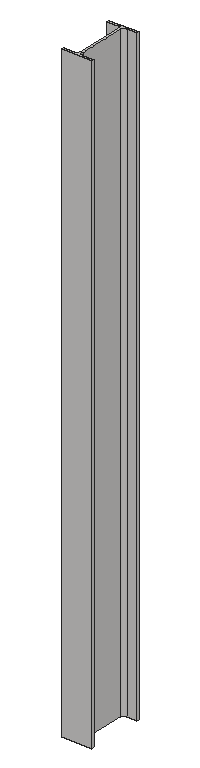
Revit family "NLRS_28_SC_IPE", category Structural Columns, Revit 2020
Family settings
  Section Shape = I-shape Parallel Flange
  Material for Model Behavior = Steel
  Always export as geometry = No
  Beam cutback in plan = From bounding box
  Code Name = EURONORM 19-57; DIN 1025
  Cut with Voids When Loaded = No
  Symbolic Representation = From Project Settings
  Shared = No
  Show family pre-cut in plan views = Yes
Parameters (values of type "IPE240")
  Width = 120 mm
  Web Thickness = 6.2 mm
  Web Fillet = 15 mm
  Warping Constant = (empty or 0)
  Type Comments = ""
  Torsional Moment of Inertia = 0 cm⁴
  Structural Material [instance] = h3_Structural Steel - S235
  Section Name Key = "IPE240"
  Section Area = 39.1 cm²
  Plastic Modulus weak axis = 73.9 cm³
  Plastic Modulus strong axis = 367 cm³
  Perimeter = 3.0249 (stored number, unit not read)
  Nominal Weight = 301.06 N/m
  Moment of Inertia weak axis = 284 cm⁴
  Moment of Inertia strong axis = 3890 cm⁴
  Height = 240 mm
  Flange Thickness = 9.8 mm
  Elastic Modulus weak axis = 47.3 cm³
  Elastic Modulus strong axis = 324 cm³
  Centroid Vertical = Height / 2  # 120 mm
  Centroid Horizontal = Width / 2  # 60 mm
  Bolt Spacing = 73 mm
  Assembly Code = "2B(28.10)"
Types (18, lengths in mm): name | Width | Web Thickness | Web Fillet | Section Name Key | Section Area | Plastic Modulus weak axis | Plastic Modulus strong axis | Perimeter | Nominal Weight | Moment of Inertia weak axis | Moment of Inertia strong axis | Height | Flange Thickness | Elastic Modulus weak axis | Elastic Modulus strong axis | Centroid Vertical | Centroid Horizontal | Bolt Spacing
  IPE240 | 120 | 6.2 | 15 | "IPE240" | 39.1 cm² | 73.9 cm³ | 367 cm³ | 3.0249 (stored number, unit not read) | 301.06 N/m | 284 cm⁴ | 3890 cm⁴ | 240 | 9.8 | 47.3 cm³ | 324 cm³ | 120 | 60 | 73
  IPE600 | 220 | 12 | 24 | "IPE600" | 156.0 cm² | 486 cm³ | 3512 cm³ | 6.5945 (stored number, unit not read) | 1196.4 N/m | 3390 cm⁴ | 92080 cm⁴ | 600 | 19 | 308 cm³ | 3070 cm³ | 300 | 110 | 130
  IPE550 | 210 | 11.1 | 24 | "IPE550" | 134.0 cm² | 401 cm³ | 2787 cm³ | 6.168 (stored number, unit not read) | 1039.5 N/m | 2670 cm⁴ | 67120 cm⁴ | 550 | 17.2 | 254 cm³ | 2440 cm³ | 275 | 105 | 129
  IPE500 | 200 | 10.2 | 21 | "IPE500" | 116.0 cm² | 336 cm³ | 2194 cm³ | 5.7087 (stored number, unit not read) | 889.46 N/m | 2140 cm⁴ | 48200 cm⁴ | 500 | 16 | 214 cm³ | 1930 cm³ | 250 | 100 | 122
  IPE450 | 190 | 9.4 | 21 | "IPE450" | 98.8 cm² | 276 cm³ | 1702 cm³ | 5.2822 (stored number, unit not read) | 760.99 N/m | 1680 cm⁴ | 33740 cm⁴ | 450 | 14.6 | 176 cm³ | 1500 cm³ | 225 | 95 | 121
  IPE400 | 180 | 8.6 | 21 | "IPE400" | 84.5 cm² | 229 cm³ | 1307 cm³ | 4.8228 (stored number, unit not read) | 650.18 N/m | 1320 cm⁴ | 23130 cm⁴ | 400 | 13.5 | 146 cm³ | 1160 cm³ | 200 | 90 | 114
  IPE360 | 170 | 8 | 18 | "IPE360" | 72.7 cm² | 191 cm³ | 1019 cm³ | 4.4291 (stored number, unit not read) | 559.96 N/m | 1040 cm⁴ | 16270 cm⁴ | 360 | 12.7 | 123 cm³ | 904 cm³ | 180 | 85 | 107
  IPE330 | 160 | 7.5 | 18 | "IPE330" | 62.6 cm² | 154 cm³ | 804 cm³ | 4.101 (stored number, unit not read) | 481.5 N/m | 788 cm⁴ | 11770 cm⁴ | 330 | 11.5 | 98.5 cm³ | 713 cm³ | 165 | 80 | 95
  IPE300 | 150 | 7.1 | 15 | "IPE300" | 53.8 cm² | 125 cm³ | 628 cm³ | 3.8058 (stored number, unit not read) | 413.84 N/m | 604 cm⁴ | 8360 cm⁴ | 300 | 10.7 | 80.5 cm³ | 557 cm³ | 150 | 75 | 88
  IPE270 | 135 | 6.6 | 15 | "IPE270" | 45.9 cm² | 97 cm³ | 484 cm³ | 3.4121 (stored number, unit not read) | 354.02 N/m | 420 cm⁴ | 5790 cm⁴ | 270 | 10.2 | 62.2 cm³ | 429 cm³ | 135 | 67.5 | 82
  IPE220 | 110 | 5.9 | 12 | "IPE220" | 33.4 cm² | 58.1 cm³ | 285 cm³ | 2.7822 (stored number, unit not read) | 256.93 N/m | 205 cm⁴ | 2770 cm⁴ | 220 | 9.2 | 37.3 cm³ | 252 cm³ | 110 | 55 | 67
  IPE200 | 100 | 5.6 | 12 | "IPE200" | 28.5 cm² | 44.6 cm³ | 221 cm³ | 2.5197 (stored number, unit not read) | 219.67 N/m | 142 cm⁴ | 1940 cm⁴ | 200 | 8.5 | 28.5 cm³ | 194 cm³ | 100 | 50 | 67
  IPE180 | 91 | 5.3 | 9 | "IPE180" | 23.9 cm² | 34.6 cm³ | 166 cm³ | 2.29 (stored number, unit not read) | 184.36 N/m | 101 cm⁴ | 1320 cm⁴ | 180 | 8 | 22.2 cm³ | 146 cm³ | 90 | 45.5 | 0
  IPE160 | 82 | 5 | 9 | "IPE160" | 20.1 cm² | 26.1 cm³ | 124 cm³ | 2.044 (stored number, unit not read) | 154.94 N/m | 68.3 cm⁴ | 869 cm⁴ | 160 | 7.4 | 16.7 cm³ | 109 cm³ | 80 | 41 | 0
  IPE140 | 73 | 4.7 | 7 | "IPE140" | 16.4 cm² | 19.3 cm³ | 88.3 cm³ | 1.8077 (stored number, unit not read) | 126.51 N/m | 44.9 cm⁴ | 541 cm⁴ | 140 | 6.9 | 12.3 cm³ | 77.3 cm³ | 70 | 36.5 | 0
  IPE120 | 64 | 4.4 | 7 | "IPE120" | 13.2 cm² | 13.6 cm³ | 60.7 cm³ | 1.5584 (stored number, unit not read) | 101.99 N/m | 27.7 cm⁴ | 318 cm⁴ | 120 | 6.3 | 8.65 cm³ | 53 cm³ | 60 | 32 | 0
  IPE100 | 55 | 4.1 | 7 | "IPE100" | 10.3 cm² | 9.2 cm³ | 39.4 cm³ | 1.3123 (stored number, unit not read) | 79.434 N/m | 15.9 cm⁴ | 171 cm⁴ | 100 | 5.7 | 5.79 cm³ | 34.2 cm³ | 50 | 27.5 | 0
  IPE80 | 46 | 3.8 | 5 | "IPE80" | 7.64 cm² | 5.8 cm³ | 23.2 cm³ | 1.0761 (stored number, unit not read) | 58.84 N/m | 8.49 cm⁴ | 80.1 cm⁴ | 80 | 5.2 | 3.69 cm³ | 20 cm³ | 40 | 23 | 0
Reference planes
  plane 1 "Center (Front/Back)": y = 0
  plane 2: z = 0
  plane 3 "Center (Left/Right)": x = 0
  plane 4: x = -60
  plane 5: x = 60
  plane 6: y = 120
  plane 7: y = -120
  plane 8: x = -3.1
  plane 9: x = 3.1
Forms (mm)
  Extrusion 1, solid, material "h3_Structural Steel - S235" <- "Structural Material", detail levels medium
    sketch origin (0, 0, 0) x (1, 0, 0) y (0, 1, 0)
      loop
        line (-60, 120) -> (-60, 110.2) -> (-3.1, 110.2) -> (-3.1, -110.2) -> (-60, -110.2) -> (-60, -120) -> (60, -120) -> (60, -110.2) -> (3.1, -110.2) -> (3.1, 110.2) -> (60, 110.2) -> (60, 120) -> (-60, 120)
    from 0 to 2500
  Extrusion 2, solid, material "h3_Structural Steel - S235" <- "Structural Material", detail levels fine
    sketch origin (0, 0, 0) x (1, 0, 0) y (0, 1, 0)
      loop
        line (-60, 120) -> (-60, 110.2) -> (-18.1, 110.2)
        arc (-18.1, 110.2) -> (-7.493, 105.807) -> (-3.1, 95.2) r 15
        line (-3.1, 95.2) -> (-3.1, -95.2)
        arc (-3.1, -95.2) -> (-7.493, -105.807) -> (-18.1, -110.2) r 15
        line (-18.1, -110.2) -> (-60, -110.2) -> (-60, -120) -> (60, -120) -> (60, -110.2) -> (18.1, -110.2)
        arc (18.1, -110.2) -> (7.493, -105.807) -> (3.1, -95.2) r 15
        line (3.1, -95.2) -> (3.1, 95.2)
        arc (3.1, 95.2) -> (7.493, 105.807) -> (18.1, 110.2) r 15
        line (18.1, 110.2) -> (60, 110.2) -> (60, 120) -> (-60, 120)
    from 0 to 2500
Lines and regions (mm)
  symbolic lines, style "StructuralColumnStickSymbols", detail levels coarse
    curve 1: line (-60, 120, 0) -> (60, 120, 0)
    curve 2: line (-60, -120, 0) -> (60, -120, 0)
    curve 3: line (0, 120, 0) -> (0, -120, 0)
  symbolic lines, style "Hidden Faces", detail levels medium+fine
    curve 4: line (-3.1, 0, 0) -> (-3.1, 0, 2500)
    curve 5: line (3.1, 0, 2500) -> (3.1, 0, 0)
Dimensions and locks
  equal spacing: plane 4, plane 3 "Center (Left/Right)", plane 5
  equal spacing: plane 7, plane 1 "Center (Front/Back)", plane 6
  "Height": plane 7 to plane 6
  "Width": plane 4 to plane 5
  "Flange Thickness": plane 7 to Extrusion 1 sketch curve
  "Flange Thickness": Extrusion 1 sketch curve to plane 6
  equal spacing: Extrusion 1 sketch curve, plane 3 "Center (Left/Right)", Extrusion 1 sketch curve
  "Web Thickness": Extrusion 1 sketch curve to Extrusion 1 sketch curve
  equal spacing: plane 8, plane 3 "Center (Left/Right)", plane 9
  "Web Thickness": plane 8 to plane 9
  "Web Fillet": radius of Extrusion 2 sketch curve  (x4)
  aligned and locked: plane 6 to Extrusion 1 sketch curve
  aligned and locked: Extrusion 1 sketch curve to plane 7
  aligned and locked: Extrusion 1 sketch curve to plane 4  (x2)
  aligned and locked: plane 5 to Extrusion 1 sketch curve  (x2)
  aligned and locked: Extrusion 1 sketch curve to Extrusion 1 sketch curve  (x2)
  aligned and locked: level to Extrusion 1
  aligned and locked: level to plane 2
  aligned and locked: Extrusion 1 to plane 2
  aligned and locked: plane 6 to Extrusion 2 sketch curve
  aligned and locked: plane 5 to Extrusion 2 sketch curve  (x2)
  aligned and locked: Extrusion 2 sketch curve to plane 4  (x2)
  aligned and locked: Extrusion 2 sketch curve to Extrusion 1  (x6)
  aligned and locked: Extrusion 2 sketch curve to plane 7
  aligned and locked: level to Extrusion 2
  aligned and locked: Extrusion 2 to level
  aligned and locked: curve 4 to plane 8
  aligned and locked: level to curve 4
  aligned and locked: plane 9 to curve 5
  aligned and locked: plane 2 to curve 5
  aligned and locked: plane 2 to curve 4
  aligned and locked: Extrusion 1 to plane 6
  aligned and locked: plane 4 to Extrusion 1  (x2)
  aligned and locked: Extrusion 1 to plane 5  (x2)
  aligned and locked: plane 7 to Extrusion 1
  aligned and locked: Extrusion 1 to plane 9
  aligned and locked: plane 8 to Extrusion 1
  aligned and locked: Extrusion 2 to plane 6
  aligned and locked: plane 4 to Extrusion 2  (x2)
  aligned and locked: Extrusion 2 to plane 5  (x2)
  aligned and locked: plane 7 to Extrusion 2
  aligned and locked: plane 8 to Extrusion 2
  aligned and locked: Extrusion 2 to plane 9
  aligned and locked: plane 6 to curve 1
  aligned and locked: plane 7 to curve 2
  aligned and locked: curve 3 to plane 3 "Center (Left/Right)"
  aligned and locked: plane 4 to curve 1
  aligned and locked: plane 5 to curve 1
  aligned and locked: plane 6 to curve 3
  aligned and locked: plane 5 to curve 2
  aligned and locked: plane 4 to curve 2
  aligned and locked: plane 7 to curve 3
  aligned and locked: level to curve 5
